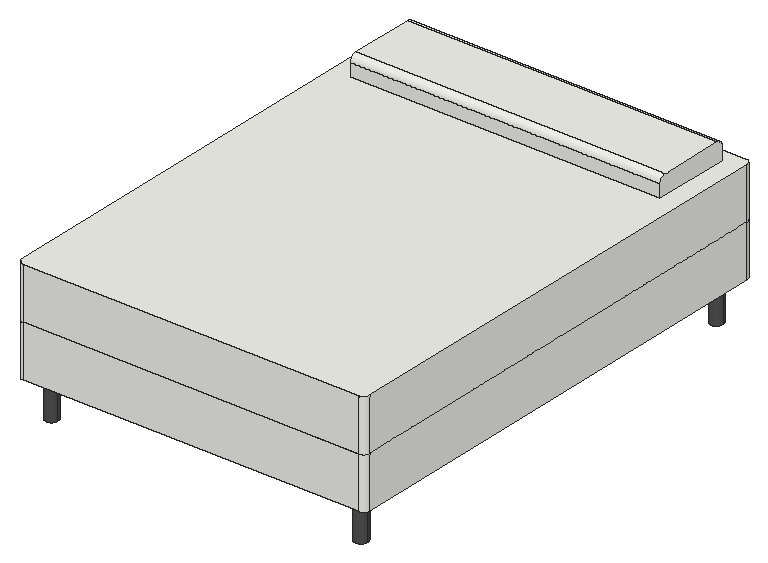
Revit family "8c35efa54bc34719bdf007af398e0f57", category Furniture, Revit 2025
Family settings
  Work Plane-Based = No
  Enable Cutting in Views = No
  Always vertical = Yes
  Cut with Voids When Loaded = No
  Render Appearance Source = Family Geometry
  Shared = No
  Room Calculation Point = No
Parameters (values of type "1372x1905x355mm-Double")
  Material Leg = Metal - Chrome
  Length = 1905.00 mm
  Material Mattress = Textile - White
  Width = 1372.00 mm
  Keynote = "N"
  Default Elevation = 0.00 mm
Types (5, lengths in mm): name | Length | Width
  (no name) | 1905.00 | 1372.00
  1372x1905x355mm-Double | 1905.00 | 1372.00
  965x1905x355mm-Twin | 1905.00 | 965.00
  1525x2007x355mm-Queen | 2007.00 | 1525.00
  1981x2032x355mm-King | 2032.00 | 1981.00
Reference planes
  plane 1 "Center (Front/Back)": y = -45.595
  plane 2: z = 0
  plane 3 "Center (Left/Right)": x = 271.489
  plane 4: y = 906.905
  plane 5: y = -998.095
  plane 6: x = 957.489
  plane 7: x = -414.511
  plane 8: x = -338.311
  plane 9: x = 881.289
  plane 10: y = 830.705
  plane 11: y = -921.895
Forms (mm)
  Extrusion 1, solid, material "Textile - White"
    sketch origin (0, 0, 355.6) x (1, 0, 0) y (0, 1, 0)
      loop
        arc (-389.111, 906.905) -> (-407.072, 899.465) -> (-414.511, 881.505) r 25.4
        line (-414.511, 881.505) -> (-414.511, -972.695)
        arc (-414.511, -972.695) -> (-407.072, -990.656) -> (-389.111, -998.095) r 25.4
        line (-389.111, -998.095) -> (932.089, -998.095)
        arc (932.089, -998.095) -> (950.049, -990.656) -> (957.489, -972.695) r 25.4
        line (957.489, -972.695) -> (957.489, 881.505)
        arc (957.489, 881.505) -> (950.049, 899.465) -> (932.089, 906.905) r 25.4
        line (932.089, 906.905) -> (-389.111, 906.905)
    from 0 to 203.2
  Extrusion 2, solid, material "Metal - Chrome"
    sketch origin (0, 0, 0) x (1, 0, 0) y (0, 1, 0)
      loop
        circle (-338.311, 830.705) r 25.4
      loop
        circle (881.289, 830.705) r 25.4
      loop
        circle (881.289, -921.895) r 25.4
      loop
        circle (-338.311, -921.895) r 25.4
    from 0 to 152.4
  Extrusion 3, solid, material "Textile - White"
    sketch origin (957.489, 0, 0) x (0, -1, 0) y (0, 0, 1)
      loop
        line (-856.105, 558.8) -> (-551.305, 558.8) -> (-551.305, 609.6)
        arc (-551.305, 609.6) -> (-558.744, 627.561) -> (-576.705, 635) r 25.4
        line (-576.705, 635) -> (-830.705, 635)
        arc (-830.705, 635) -> (-848.665, 627.561) -> (-856.105, 609.6) r 25.4
        line (-856.105, 609.6) -> (-856.105, 558.8)
    from 76.2 to 1295.8
  Extrusion 4, solid, material "Textile - White"
    sketch origin (0, 0, 0) x (1, 0, 0) y (0, 1, 0)
      loop
        line (-414.511, 881.505) -> (-414.511, -972.695)
        arc (-414.511, -972.695) -> (-407.072, -990.656) -> (-389.111, -998.095) r 25.4
        line (-389.111, -998.095) -> (932.089, -998.095)
        arc (932.089, -998.095) -> (950.049, -990.656) -> (957.489, -972.695) r 25.4
        line (957.489, -972.695) -> (957.489, 881.505)
        arc (957.489, 881.505) -> (950.049, 899.465) -> (932.089, 906.905) r 25.4
        line (932.089, 906.905) -> (-389.111, 906.905)
        arc (-389.111, 906.905) -> (-407.072, 899.465) -> (-414.511, 881.505) r 25.4
    from 152.4 to 355.6
Lines and regions (mm)
  Masking region 1
    outline origin (0, 0, 0) x (1, 0, 0) y (0, 1, 0)
      loop
        line (-414.511, -998.095) -> (957.489, -998.095) -> (957.489, 906.905) -> (-414.511, 906.905) -> (-414.511, -998.095)
  symbolic lines
    curve 1: line (-414.511, 906.905, 0) -> (957.489, 906.905, 0)
    curve 2: line (-414.511, 906.905, 0) -> (-414.511, -998.095, 0)
    curve 3: line (-414.511, -998.095, 0) -> (957.489, -998.095, 0)
    curve 4: line (957.489, 906.905, 0) -> (957.489, -998.095, 0)
    curve 5: line (-338.311, 856.105, 0) -> (881.289, 856.105, 0)
    curve 6: line (-338.311, 856.105, 0) -> (-338.311, 602.105, 0)
    curve 7: line (-338.311, 602.105, 0) -> (881.289, 602.105, 0)
    curve 8: line (881.289, 856.105, 0) -> (881.289, 602.105, 0)
    curve 9: line (957.489, 602.105, 0) -> (-414.511, 384.183, 0)
Dimensions and locks
  equal spacing: plane 7, plane 3 "Center (Left/Right)", plane 6
  equal spacing: plane 5, plane 1 "Center (Front/Back)", plane 4
  "Width": plane 7 to plane 6
  "Length": plane 5 to plane 4
  locked: plane 10 to plane 4 at 76.2
  locked: plane 5 to plane 11 at 76.2
  locked: plane 7 to plane 8 at 76.2
  locked: plane 9 to plane 6 at 76.2
  locked: plane 7 to Extrusion 3 at 76.2
  locked: Extrusion 3 to plane 6 at 76.2
  aligned and locked: Extrusion 1 sketch curve to Extrusion 4  (x4)
Automatic sketch dimensions
  Extrusion 2 sketch curve to plane 11 = 0.00 mm  (x2)
  Extrusion 2 sketch curve to plane 8 = 0.00 mm  (x2)
  Extrusion 2 sketch curve to plane 10 = 0.00 mm  (x2)
  Extrusion 2 sketch curve to plane 9 = 0.00 mm  (x2)
  Extrusion 2 sketch curve to Extrusion 2 sketch curve = 25.40 mm  (x2)
  Extrusion 2 sketch curve to plane 7 = 50.80 mm
  plane 9 to Extrusion 2 sketch curve = 25.40 mm
  Extrusion 4 sketch curve to plane 7 = 0.00 mm
  Extrusion 4 sketch curve to plane 4 = 0.00 mm
  Extrusion 4 sketch curve to plane 5 = 0.00 mm
  Extrusion 4 sketch curve to plane 6 = 0.00 mm
  Extrusion 4 sketch curve to plane 7 = 25.40 mm  (x2)
  plane 6 to Extrusion 4 sketch curve = 25.40 mm
  plane 4 to Extrusion 4 sketch curve = 25.40 mm
  plane 4 to Extrusion 3 sketch curve = 50.80 mm
  Extrusion 3 sketch curve to Extrusion 3 sketch curve = 25.40 mm  (x2)
  Extrusion 3 sketch curve to Extrusion 3 sketch curve = 50.80 mm
  Extrusion 3 sketch curve to Extrusion 3 sketch curve = 254.00 mm
  level to Extrusion 3 sketch curve = 558.80 mm
  curve 3 to plane 5 = 0.00 mm
  curve 3 to plane 7 = 0.00 mm
  curve 3 to plane 6 = 0.00 mm
  curve 4 to plane 4 = 0.00 mm
  curve 6 to plane 7 = 76.20 mm
  curve 5 to curve 1 = 76.20 mm
  curve 9 to plane 1 "Center (Front/Back)" = 429.778 mm
  curve 9 to curve 7 = 217.922 mm
  curve 9 to curve 7 = 0.00 mm
  plane 4 to curve 6 = 50.80 mm
  Masking region 1 sketch curve to plane 4 = 0.00 mm
  Masking region 1 sketch curve to plane 7 = 0.00 mm
  Masking region 1 sketch curve to plane 6 = 0.00 mm
  Masking region 1 sketch curve to plane 5 = 0.00 mm
